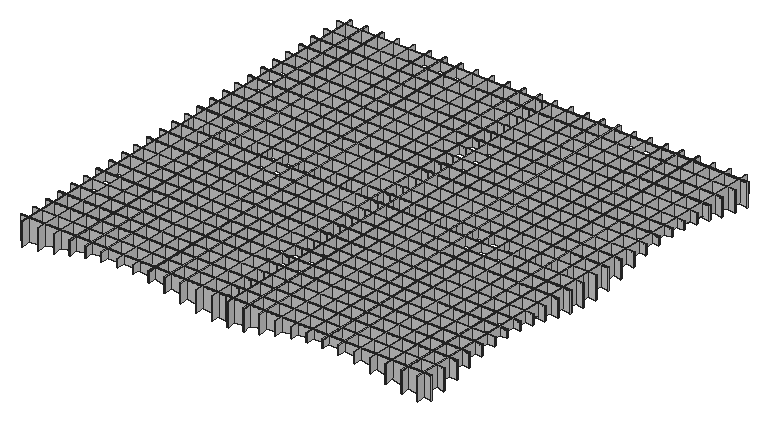
Revit family "CLD-WFL-002_RFA", category Modelos genéricos, Revit 2022 (continued)
Forms (in)
  Extrusion 406, solid
    sketch origin (108, 203.19067, 0) x (1, 0, 0) y (0, 0, 1)
      loop
        spline (12.69122, 3.04079) -> (13.34952, 3.14441) -> (14.00673, 3.24717) -> (14.66285, 3.34906) -> (15.31792, 3.45005) -> (15.97202, 3.55011) -> (16.62518, 3.64921) -> (17.27747, 3.74732) -> (17.92894, 3.8444) -> (18.57965, 3.94043) -> (19.22966, 4.03537) -> (19.87902, 4.12919) -> (20.52778, 4.22187)
        spline (20.52778, 4.22187) -> (21.26116, 4.32437) -> (21.99403, 4.42546) -> (22.72646, 4.52511) -> (23.45852, 4.62328) -> (24.19027, 4.71993) -> (24.92177, 4.81503) -> (25.6531, 4.90854) -> (26.3843, 5.00042) -> (27.11545, 5.09065) -> (27.84662, 5.17918) -> (28.57786, 5.26598) -> (29.30922, 5.35101)
        spline (29.30922, 5.35101) -> (29.95995, 5.42391) -> (30.61094, 5.49516) -> (31.26223, 5.56472) -> (31.91387, 5.63257) -> (32.56591, 5.69867) -> (33.21841, 5.763) -> (33.87141, 5.82551) -> (34.52497, 5.88618) -> (35.17914, 5.94498) -> (35.83396, 6.00187) -> (36.48949, 6.05683) -> (37.14578, 6.10982)
        spline (37.14578, 6.10982) -> (37.87194, 6.16453) -> (38.59907, 6.21702) -> (39.32723, 6.26723) -> (40.05647, 6.31514) -> (40.78684, 6.36072) -> (41.51831, 6.40397) -> (42.25083, 6.44489) -> (42.98434, 6.4835) -> (43.71879, 6.51981) -> (44.45413, 6.55383) -> (45.19029, 6.58557) -> (45.92722, 6.61503)
        spline (45.92722, 6.61503) -> (46.57816, 6.6376) -> (47.22964, 6.65822) -> (47.88162, 6.67689) -> (48.53404, 6.69363) -> (49.18687, 6.70845) -> (49.84004, 6.72134) -> (50.49352, 6.73234) -> (51.14725, 6.74143) -> (51.80119, 6.74863) -> (52.45529, 6.75396) -> (53.1095, 6.75742) -> (53.76378, 6.75901)
        spline (53.76378, 6.75901) -> (54.49695, 6.7572) -> (55.23004, 6.75331) -> (55.96301, 6.74732) -> (56.6958, 6.73922) -> (57.42835, 6.72901) -> (58.16062, 6.71667) -> (58.89255, 6.7022) -> (59.62408, 6.68557) -> (60.35517, 6.66679) -> (61.08576, 6.64585) -> (61.81579, 6.62272) -> (62.54522, 6.59741)
        spline (62.54522, 6.59741) -> (63.20286, 6.57112) -> (63.85981, 6.54281) -> (64.51602, 6.51247) -> (65.17144, 6.48008) -> (65.82603, 6.44563) -> (66.47973, 6.40912) -> (67.1325, 6.37054) -> (67.78428, 6.32988) -> (68.43505, 6.28713) -> (69.08486, 6.24233) -> (69.73376, 6.19551) -> (70.38178, 6.14669)
        spline (70.38178, 6.14669) -> (71.1172, 6.08737) -> (71.85177, 6.02584) -> (72.58554, 5.96214) -> (73.31858, 5.89631) -> (74.05094, 5.82838) -> (74.78268, 5.75838) -> (75.51386, 5.68636) -> (76.24452, 5.61234) -> (76.97473, 5.53637) -> (77.70455, 5.45847) -> (78.43403, 5.37869) -> (79.16322, 5.29705)
        spline (79.16322, 5.29705) -> (79.81589, 5.22111) -> (80.46845, 5.14359) -> (81.12094, 5.06452) -> (81.77342, 4.98394) -> (82.42595, 4.90188) -> (83.07858, 4.81837) -> (83.73137, 4.73344) -> (84.38439, 4.64713) -> (85.03768, 4.55947) -> (85.6913, 4.47048) -> (86.34531, 4.3802) -> (86.99978, 4.28866)
        spline (86.99978, 4.28866) -> (87.72677, 4.18488) -> (88.45442, 4.07981) -> (89.1828, 3.97349) -> (89.91197, 3.86595) -> (90.64199, 3.75723) -> (91.37293, 3.64737) -> (92.10485, 3.53639) -> (92.8378, 3.42433) -> (93.57186, 3.31123) -> (94.30709, 3.19712) -> (95.04354, 3.08203) -> (95.78122, 2.96599)
        spline (95.78122, 2.96599) -> (96.4698, 2.85601) -> (97.15931, 2.74512) -> (97.84968, 2.63332) -> (98.54085, 2.52058) -> (99.23273, 2.40692) -> (99.92527, 2.2923) -> (100.61838, 2.17673) -> (101.31201, 2.06019) -> (102.00608, 1.94268) -> (102.70052, 1.82418) -> (103.39525, 1.70469) -> (104.09022, 1.58418)
        spline (104.09022, 1.58418) -> (104.41609, 1.52715) -> (104.74197, 1.46988) -> (105.06787, 1.41237) -> (105.39376, 1.35462) -> (105.71965, 1.29662) -> (106.04553, 1.23838) -> (106.37138, 1.1799) -> (106.6972, 1.12116) -> (107.02298, 1.06219) -> (107.34871, 1.00296) -> (107.67439, 0.94348) -> (108, 0.88375)
        line (108, 0.88375) -> (108, 11.82144)
    from -0.11811 to 0
  Extrusion 407, solid
    sketch origin (108, 203.66311, 0) x (1, 0, 0) y (0, 0, 1)
      loop
        line (108, 11.82144) -> (0, 11.82144) -> (0, 0.88375)
        spline (0, 0.88375) -> (0.32561, 0.94348) -> (0.65129, 1.00296) -> (0.97702, 1.06219) -> (1.3028, 1.12116) -> (1.62862, 1.1799) -> (1.95447, 1.23838) -> (2.28035, 1.29662) -> (2.60624, 1.35462) -> (2.93213, 1.41237) -> (3.25803, 1.46988) -> (3.58391, 1.52715) -> (3.90978, 1.58418)
        spline (3.90978, 1.58418) -> (4.64426, 1.71122) -> (5.37851, 1.8372) -> (6.11243, 1.96212) -> (6.84596, 2.086) -> (7.57903, 2.20885) -> (8.31155, 2.33067) -> (9.04347, 2.45149) -> (9.77469, 2.57131) -> (10.50515, 2.69014) -> (11.23478, 2.80798) -> (11.96349, 2.92486) -> (12.69122, 3.04079)
        spline (12.69122, 3.04079) -> (13.34952, 3.14441) -> (14.00673, 3.24717) -> (14.66285, 3.34906) -> (15.31792, 3.45005) -> (15.97202, 3.55011) -> (16.62518, 3.64921) -> (17.27747, 3.74732) -> (17.92894, 3.8444) -> (18.57965, 3.94043) -> (19.22966, 4.03537) -> (19.87902, 4.12919) -> (20.52778, 4.22187)
        spline (20.52778, 4.22187) -> (21.26116, 4.32437) -> (21.99403, 4.42546) -> (22.72646, 4.52511) -> (23.45852, 4.62328) -> (24.19027, 4.71993) -> (24.92177, 4.81503) -> (25.6531, 4.90854) -> (26.3843, 5.00042) -> (27.11545, 5.09065) -> (27.84662, 5.17918) -> (28.57786, 5.26598) -> (29.30922, 5.35101)
        spline (29.30922, 5.35101) -> (29.95995, 5.42391) -> (30.61094, 5.49516) -> (31.26223, 5.56472) -> (31.91387, 5.63257) -> (32.56591, 5.69867) -> (33.21841, 5.763) -> (33.87141, 5.82551) -> (34.52497, 5.88618) -> (35.17914, 5.94498) -> (35.83396, 6.00187) -> (36.48949, 6.05683) -> (37.14578, 6.10982)
        spline (37.14578, 6.10982) -> (37.87194, 6.16453) -> (38.59907, 6.21702) -> (39.32723, 6.26723) -> (40.05647, 6.31514) -> (40.78684, 6.36072) -> (41.51831, 6.40397) -> (42.25083, 6.44489) -> (42.98434, 6.4835) -> (43.71879, 6.51981) -> (44.45413, 6.55383) -> (45.19029, 6.58557) -> (45.92722, 6.61503)
        spline (45.92722, 6.61503) -> (46.57816, 6.6376) -> (47.22964, 6.65822) -> (47.88162, 6.67689) -> (48.53404, 6.69363) -> (49.18687, 6.70845) -> (49.84004, 6.72134) -> (50.49352, 6.73234) -> (51.14725, 6.74143) -> (51.80119, 6.74863) -> (52.45529, 6.75396) -> (53.1095, 6.75742) -> (53.76378, 6.75901)
        spline (53.76378, 6.75901) -> (54.49695, 6.7572) -> (55.23004, 6.75331) -> (55.96301, 6.74732) -> (56.6958, 6.73922) -> (57.42835, 6.72901) -> (58.16062, 6.71667) -> (58.89255, 6.7022) -> (59.62408, 6.68557) -> (60.35517, 6.66679) -> (61.08576, 6.64585) -> (61.81579, 6.62272) -> (62.54522, 6.59741)
        spline (62.54522, 6.59741) -> (63.20286, 6.57112) -> (63.85981, 6.54281) -> (64.51602, 6.51247) -> (65.17144, 6.48008) -> (65.82603, 6.44563) -> (66.47973, 6.40912) -> (67.1325, 6.37054) -> (67.78428, 6.32988) -> (68.43505, 6.28713) -> (69.08486, 6.24233) -> (69.73376, 6.19551) -> (70.38178, 6.14669)
        spline (70.38178, 6.14669) -> (71.1172, 6.08737) -> (71.85177, 6.02584) -> (72.58554, 5.96214) -> (73.31858, 5.89631) -> (74.05094, 5.82838) -> (74.78268, 5.75838) -> (75.51386, 5.68636) -> (76.24452, 5.61234) -> (76.97473, 5.53637) -> (77.70455, 5.45847) -> (78.43403, 5.37869) -> (79.16322, 5.29705)
        spline (79.16322, 5.29705) -> (79.81589, 5.22111) -> (80.46845, 5.14359) -> (81.12094, 5.06452) -> (81.77342, 4.98394) -> (82.42595, 4.90188) -> (83.07858, 4.81837) -> (83.73137, 4.73344) -> (84.38439, 4.64713) -> (85.03768, 4.55947) -> (85.6913, 4.47048) -> (86.34531, 4.3802) -> (86.99978, 4.28866)
        spline (86.99978, 4.28866) -> (87.72677, 4.18488) -> (88.45442, 4.07981) -> (89.1828, 3.97349) -> (89.91197, 3.86595) -> (90.64199, 3.75723) -> (91.37293, 3.64737) -> (92.10485, 3.53639) -> (92.8378, 3.42433) -> (93.57186, 3.31123) -> (94.30709, 3.19712) -> (95.04354, 3.08203) -> (95.78122, 2.96599)
        spline (95.78122, 2.96599) -> (96.4698, 2.85601) -> (97.15931, 2.74512) -> (97.84968, 2.63332) -> (98.54085, 2.52058) -> (99.23273, 2.40692) -> (99.92527, 2.2923) -> (100.61838, 2.17673) -> (101.31201, 2.06019) -> (102.00608, 1.94268) -> (102.70052, 1.82418) -> (103.39525, 1.70469) -> (104.09022, 1.58418)
        spline (104.09022, 1.58418) -> (104.41609, 1.52715) -> (104.74197, 1.46988) -> (105.06787, 1.41237) -> (105.39376, 1.35462) -> (105.71965, 1.29662) -> (106.04553, 1.23838) -> (106.37138, 1.1799) -> (106.6972, 1.12116) -> (107.02298, 1.06219) -> (107.34871, 1.00296) -> (107.67439, 0.94348) -> (108, 0.88375)
        line (108, 0.88375) -> (108, 11.82144)
    from -0.11811 to 0.35433
  Extrusion 408, solid
    sketch origin (108, 203.78122, 0) x (1, 0, 0) y (0, 0, 1)
      loop
        line (108, 11.82144) -> (0, 11.82144) -> (0, 0.88375)
        spline (0, 0.88375) -> (0.32561, 0.94348) -> (0.65129, 1.00296) -> (0.97702, 1.06219) -> (1.3028, 1.12116) -> (1.62862, 1.1799) -> (1.95447, 1.23838) -> (2.28035, 1.29662) -> (2.60624, 1.35462) -> (2.93213, 1.41237) -> (3.25803, 1.46988) -> (3.58391, 1.52715) -> (3.90978, 1.58418)
        spline (3.90978, 1.58418) -> (4.64426, 1.71122) -> (5.37851, 1.8372) -> (6.11243, 1.96212) -> (6.84596, 2.086) -> (7.57903, 2.20885) -> (8.31155, 2.33067) -> (9.04347, 2.45149) -> (9.77469, 2.57131) -> (10.50515, 2.69014) -> (11.23478, 2.80798) -> (11.96349, 2.92486) -> (12.69122, 3.04079)
        spline (12.69122, 3.04079) -> (13.34952, 3.14441) -> (14.00673, 3.24717) -> (14.66285, 3.34906) -> (15.31792, 3.45005) -> (15.97202, 3.55011) -> (16.62518, 3.64921) -> (17.27747, 3.74732) -> (17.92894, 3.8444) -> (18.57965, 3.94043) -> (19.22966, 4.03537) -> (19.87902, 4.12919) -> (20.52778, 4.22187)
        spline (20.52778, 4.22187) -> (21.26116, 4.32437) -> (21.99403, 4.42546) -> (22.72646, 4.52511) -> (23.45852, 4.62328) -> (24.19027, 4.71993) -> (24.92177, 4.81503) -> (25.6531, 4.90854) -> (26.3843, 5.00042) -> (27.11545, 5.09065) -> (27.84662, 5.17918) -> (28.57786, 5.26598) -> (29.30922, 5.35101)
        spline (29.30922, 5.35101) -> (29.95995, 5.42391) -> (30.61094, 5.49516) -> (31.26223, 5.56472) -> (31.91387, 5.63257) -> (32.56591, 5.69867) -> (33.21841, 5.763) -> (33.87141, 5.82551) -> (34.52497, 5.88618) -> (35.17914, 5.94498) -> (35.83396, 6.00187) -> (36.48949, 6.05683) -> (37.14578, 6.10982)
        spline (37.14578, 6.10982) -> (37.87194, 6.16453) -> (38.59907, 6.21702) -> (39.32723, 6.26723) -> (40.05647, 6.31514) -> (40.78684, 6.36072) -> (41.51831, 6.40397) -> (42.25083, 6.44489) -> (42.98434, 6.4835) -> (43.71879, 6.51981) -> (44.45413, 6.55383) -> (45.19029, 6.58557) -> (45.92722, 6.61503)
        spline (45.92722, 6.61503) -> (46.57816, 6.6376) -> (47.22964, 6.65822) -> (47.88162, 6.67689) -> (48.53404, 6.69363) -> (49.18687, 6.70845) -> (49.84004, 6.72134) -> (50.49352, 6.73234) -> (51.14725, 6.74143) -> (51.80119, 6.74863) -> (52.45529, 6.75396) -> (53.1095, 6.75742) -> (53.76378, 6.75901)
        spline (53.76378, 6.75901) -> (54.49695, 6.7572) -> (55.23004, 6.75331) -> (55.96301, 6.74732) -> (56.6958, 6.73922) -> (57.42835, 6.72901) -> (58.16062, 6.71667) -> (58.89255, 6.7022) -> (59.62408, 6.68557) -> (60.35517, 6.66679) -> (61.08576, 6.64585) -> (61.81579, 6.62272) -> (62.54522, 6.59741)
        spline (62.54522, 6.59741) -> (63.20286, 6.57112) -> (63.85981, 6.54281) -> (64.51602, 6.51247) -> (65.17144, 6.48008) -> (65.82603, 6.44563) -> (66.47973, 6.40912) -> (67.1325, 6.37054) -> (67.78428, 6.32988) -> (68.43505, 6.28713) -> (69.08486, 6.24233) -> (69.73376, 6.19551) -> (70.38178, 6.14669)
        spline (70.38178, 6.14669) -> (71.1172, 6.08737) -> (71.85177, 6.02584) -> (72.58554, 5.96214) -> (73.31858, 5.89631) -> (74.05094, 5.82838) -> (74.78268, 5.75838) -> (75.51386, 5.68636) -> (76.24452, 5.61234) -> (76.97473, 5.53637) -> (77.70455, 5.45847) -> (78.43403, 5.37869) -> (79.16322, 5.29705)
        spline (79.16322, 5.29705) -> (79.81589, 5.22111) -> (80.46845, 5.14359) -> (81.12094, 5.06452) -> (81.77342, 4.98394) -> (82.42595, 4.90188) -> (83.07858, 4.81837) -> (83.73137, 4.73344) -> (84.38439, 4.64713) -> (85.03768, 4.55947) -> (85.6913, 4.47048) -> (86.34531, 4.3802) -> (86.99978, 4.28866)
        spline (86.99978, 4.28866) -> (87.72677, 4.18488) -> (88.45442, 4.07981) -> (89.1828, 3.97349) -> (89.91197, 3.86595) -> (90.64199, 3.75723) -> (91.37293, 3.64737) -> (92.10485, 3.53639) -> (92.8378, 3.42433) -> (93.57186, 3.31123) -> (94.30709, 3.19712) -> (95.04354, 3.08203) -> (95.78122, 2.96599)
        spline (95.78122, 2.96599) -> (96.4698, 2.85601) -> (97.15931, 2.74512) -> (97.84968, 2.63332) -> (98.54085, 2.52058) -> (99.23273, 2.40692) -> (99.92527, 2.2923) -> (100.61838, 2.17673) -> (101.31201, 2.06019) -> (102.00608, 1.94268) -> (102.70052, 1.82418) -> (103.39525, 1.70469) -> (104.09022, 1.58418)
        spline (104.09022, 1.58418) -> (104.41609, 1.52715) -> (104.74197, 1.46988) -> (105.06787, 1.41237) -> (105.39376, 1.35462) -> (105.71965, 1.29662) -> (106.04553, 1.23838) -> (106.37138, 1.1799) -> (106.6972, 1.12116) -> (107.02298, 1.06219) -> (107.34871, 1.00296) -> (107.67439, 0.94348) -> (108, 0.88375)
        line (108, 0.88375) -> (108, 11.82144)
    from -0.11811 to 0
  Extrusion 409, solid
    sketch origin (108, 211.49967, 0) x (1, 0, 0) y (0, 0, 1)
      loop
        line (108, 11.82144) -> (0, 11.82144) -> (0, 0)
        spline (0, 0) -> (0.32561, 0.03535) -> (0.65129, 0.07108) -> (0.97702, 0.10719) -> (1.3028, 0.14369) -> (1.62862, 0.18058) -> (1.95447, 0.21788) -> (2.28035, 0.25557) -> (2.60624, 0.29369) -> (2.93213, 0.33222) -> (3.25803, 0.37118) -> (3.58391, 0.41056) -> (3.90978, 0.45039)
        spline (3.90978, 0.45039) -> (4.64427, 0.54331) -> (5.37851, 0.63835) -> (6.11243, 0.73557) -> (6.84597, 0.83501) -> (7.57904, 0.93675) -> (8.31156, 1.04084) -> (9.04347, 1.14734) -> (9.7747, 1.25631) -> (10.50516, 1.36779) -> (11.23478, 1.48186) -> (11.96349, 1.59857) -> (12.69122, 1.71798)
        spline (12.69122, 1.71798) -> (13.38922, 1.83797) -> (14.08606, 1.96074) -> (14.78174, 2.08623) -> (15.47631, 2.21426) -> (16.16984, 2.34463) -> (16.86238, 2.47718) -> (17.55399, 2.61172) -> (18.24473, 2.74807) -> (18.93467, 2.88604) -> (19.62386, 3.02546) -> (20.31235, 3.16614) -> (21.00022, 3.30789)
        spline (21.00022, 3.30789) -> (21.65469, 3.44372) -> (22.3087, 3.5801) -> (22.96232, 3.71687) -> (23.61561, 3.85384) -> (24.26863, 3.99083) -> (24.92142, 4.12768) -> (25.57405, 4.2642) -> (26.22658, 4.40021) -> (26.87906, 4.53554) -> (27.53155, 4.67001) -> (28.18411, 4.80344) -> (28.83678, 4.93566)
        spline (28.83678, 4.93566) -> (29.71888, 5.11051) -> (30.60133, 5.28308) -> (31.48418, 5.45313) -> (32.36752, 5.62042) -> (33.25139, 5.78471) -> (34.13589, 5.94577) -> (35.02106, 6.10336) -> (35.90699, 6.25724) -> (36.79374, 6.40717) -> (37.68137, 6.55291) -> (38.56997, 6.69423) -> (39.45958, 6.83089)
        spline (39.45958, 6.83089) -> (39.81456, 6.88206) -> (40.17002, 6.93114) -> (40.52597, 6.97806) -> (40.88246, 7.0227) -> (41.2395, 7.065) -> (41.59707, 7.10495) -> (41.95516, 7.14258) -> (42.31373, 7.17791) -> (42.67277, 7.21097) -> (43.03223, 7.2418) -> (43.3921, 7.27043) -> (43.75234, 7.29687)
        spline (43.75234, 7.29687) -> (44.62318, 7.35197) -> (45.49474, 7.40207) -> (46.36696, 7.44722) -> (47.23979, 7.48751) -> (48.11314, 7.52299) -> (48.98697, 7.55374) -> (49.8612, 7.57983) -> (50.73577, 7.60132) -> (51.61063, 7.61828) -> (52.48569, 7.63078) -> (53.36091, 7.63889) -> (54.23622, 7.64268)
        spline (54.23622, 7.64268) -> (54.8905, 7.63994) -> (55.54471, 7.63396) -> (56.19881, 7.62471) -> (56.85275, 7.61212) -> (57.50648, 7.59614) -> (58.15996, 7.57673) -> (58.81313, 7.55383) -> (59.46596, 7.5274) -> (60.11838, 7.49738) -> (60.77036, 7.46371) -> (61.42184, 7.42635) -> (62.07278, 7.38525)
        spline (62.07278, 7.38525) -> (62.80971, 7.33115) -> (63.54587, 7.27259) -> (64.28121, 7.20951) -> (65.01566, 7.14186) -> (65.74917, 7.06957) -> (66.48169, 6.99259) -> (67.21316, 6.91086) -> (67.94353, 6.82432) -> (68.67277, 6.73297) -> (69.40093, 6.637) -> (70.12806, 6.53658) -> (70.85422, 6.4319)
        spline (70.85422, 6.4319) -> (71.51051, 6.33081) -> (72.16604, 6.22628) -> (72.82086, 6.11849) -> (73.47503, 6.00761) -> (74.12859, 5.89382) -> (74.78159, 5.7773) -> (75.43409, 5.65821) -> (76.08613, 5.53673) -> (76.73777, 5.41305) -> (77.38906, 5.28733) -> (78.04005, 5.15975) -> (78.69078, 5.03049)
        spline (78.69078, 5.03049) -> (79.42214, 4.88265) -> (80.15338, 4.73345) -> (80.88454, 4.58309) -> (81.6157, 4.43177) -> (82.3469, 4.27969) -> (83.07823, 4.12703) -> (83.80973, 3.97401) -> (84.54148, 3.82083) -> (85.27354, 3.66767) -> (86.00597, 3.51473) -> (86.73884, 3.36223) -> (87.47222, 3.21035)
        spline (87.47222, 3.21035) -> (88.12098, 3.07725) -> (88.77034, 2.94516) -> (89.42035, 2.81427) -> (90.07106, 2.68474) -> (90.72253, 2.55674) -> (91.37482, 2.43044) -> (92.02798, 2.30602) -> (92.68208, 2.18365) -> (93.33715, 2.0635) -> (93.99327, 1.94575) -> (94.65048, 1.83055) -> (95.30878, 1.71798)
        spline (95.30878, 1.71798) -> (96.03651, 1.59857) -> (96.76522, 1.48186) -> (97.49484, 1.36779) -> (98.2253, 1.25631) -> (98.95653, 1.14734) -> (99.68844, 1.04084) -> (100.42096, 0.93675) -> (101.15403, 0.83501) -> (101.88757, 0.73557) -> (102.62149, 0.63835) -> (103.35573, 0.54331) -> (104.09022, 0.45039)
        spline (104.09022, 0.45039) -> (104.41609, 0.41056) -> (104.74197, 0.37118) -> (105.06787, 0.33222) -> (105.39376, 0.29369) -> (105.71965, 0.25557) -> (106.04553, 0.21788) -> (106.37138, 0.18058) -> (106.6972, 0.14369) -> (107.02298, 0.10719) -> (107.34871, 0.07108) -> (107.67439, 0.03535) -> (108, 0)
        line (108, 0) -> (108, 11.82144)
    from -0.11811 to 0
  Extrusion 410, solid
    sketch origin (108, 212.09022, 0) x (1, 0, 0) y (0, 0, 1)
      loop
        line (108, 11.82144) -> (0, 11.82144) -> (0, 0)
        spline (0, 0) -> (0.32561, 0.03535) -> (0.65129, 0.07108) -> (0.97702, 0.10719) -> (1.3028, 0.14369) -> (1.62862, 0.18058) -> (1.95447, 0.21788) -> (2.28035, 0.25557) -> (2.60624, 0.29369) -> (2.93213, 0.33222) -> (3.25803, 0.37118) -> (3.58391, 0.41056) -> (3.90978, 0.45039)
        spline (3.90978, 0.45039) -> (4.64427, 0.54331) -> (5.37851, 0.63835) -> (6.11243, 0.73557) -> (6.84597, 0.83501) -> (7.57904, 0.93675) -> (8.31156, 1.04084) -> (9.04347, 1.14734) -> (9.7747, 1.25631) -> (10.50516, 1.36779) -> (11.23478, 1.48186) -> (11.96349, 1.59857) -> (12.69122, 1.71798)
        spline (12.69122, 1.71798) -> (13.38922, 1.83797) -> (14.08606, 1.96074) -> (14.78174, 2.08623) -> (15.47631, 2.21426) -> (16.16984, 2.34463) -> (16.86238, 2.47718) -> (17.55399, 2.61172) -> (18.24473, 2.74807) -> (18.93467, 2.88604) -> (19.62386, 3.02546) -> (20.31235, 3.16614) -> (21.00022, 3.30789)
        spline (21.00022, 3.30789) -> (21.65469, 3.44372) -> (22.3087, 3.5801) -> (22.96232, 3.71687) -> (23.61561, 3.85384) -> (24.26863, 3.99083) -> (24.92142, 4.12768) -> (25.57405, 4.2642) -> (26.22658, 4.40021) -> (26.87906, 4.53554) -> (27.53155, 4.67001) -> (28.18411, 4.80344) -> (28.83678, 4.93566)
        spline (28.83678, 4.93566) -> (29.71888, 5.11051) -> (30.60133, 5.28308) -> (31.48418, 5.45313) -> (32.36752, 5.62042) -> (33.25139, 5.78471) -> (34.13589, 5.94577) -> (35.02106, 6.10336) -> (35.90699, 6.25724) -> (36.79374, 6.40717) -> (37.68137, 6.55291) -> (38.56997, 6.69423) -> (39.45958, 6.83089)
        spline (39.45958, 6.83089) -> (39.81456, 6.88206) -> (40.17002, 6.93114) -> (40.52597, 6.97806) -> (40.88246, 7.0227) -> (41.2395, 7.065) -> (41.59707, 7.10495) -> (41.95516, 7.14258) -> (42.31373, 7.17791) -> (42.67277, 7.21097) -> (43.03223, 7.2418) -> (43.3921, 7.27043) -> (43.75234, 7.29687)
        spline (43.75234, 7.29687) -> (44.62318, 7.35197) -> (45.49474, 7.40207) -> (46.36696, 7.44722) -> (47.23979, 7.48751) -> (48.11314, 7.52299) -> (48.98697, 7.55374) -> (49.8612, 7.57983) -> (50.73577, 7.60132) -> (51.61063, 7.61828) -> (52.48569, 7.63078) -> (53.36091, 7.63889) -> (54.23622, 7.64268)
        spline (54.23622, 7.64268) -> (54.8905, 7.63994) -> (55.54471, 7.63396) -> (56.19881, 7.62471) -> (56.85275, 7.61212) -> (57.50648, 7.59614) -> (58.15996, 7.57673) -> (58.81313, 7.55383) -> (59.46596, 7.5274) -> (60.11838, 7.49738) -> (60.77036, 7.46371) -> (61.42184, 7.42635) -> (62.07278, 7.38525)
        spline (62.07278, 7.38525) -> (62.80971, 7.33115) -> (63.54587, 7.27259) -> (64.28121, 7.20951) -> (65.01566, 7.14186) -> (65.74917, 7.06957) -> (66.48169, 6.99259) -> (67.21316, 6.91086) -> (67.94353, 6.82432) -> (68.67277, 6.73297) -> (69.40093, 6.637) -> (70.12806, 6.53658) -> (70.85422, 6.4319)
        spline (70.85422, 6.4319) -> (71.51051, 6.33081) -> (72.16604, 6.22628) -> (72.82086, 6.11849) -> (73.47503, 6.00761) -> (74.12859, 5.89382) -> (74.78159, 5.7773) -> (75.43409, 5.65821) -> (76.08613, 5.53673) -> (76.73777, 5.41305) -> (77.38906, 5.28733) -> (78.04005, 5.15975) -> (78.69078, 5.03049)
        spline (78.69078, 5.03049) -> (79.42214, 4.88265) -> (80.15338, 4.73345) -> (80.88454, 4.58309) -> (81.6157, 4.43177) -> (82.3469, 4.27969) -> (83.07823, 4.12703) -> (83.80973, 3.97401) -> (84.54148, 3.82083) -> (85.27354, 3.66767) -> (86.00597, 3.51473) -> (86.73884, 3.36223) -> (87.47222, 3.21035)
        spline (87.47222, 3.21035) -> (88.12098, 3.07725) -> (88.77034, 2.94516) -> (89.42035, 2.81427) -> (90.07106, 2.68474) -> (90.72253, 2.55674) -> (91.37482, 2.43044) -> (92.02798, 2.30602) -> (92.68208, 2.18365) -> (93.33715, 2.0635) -> (93.99327, 1.94575) -> (94.65048, 1.83055) -> (95.30878, 1.71798)
        spline (95.30878, 1.71798) -> (96.03651, 1.59857) -> (96.76522, 1.48186) -> (97.49484, 1.36779) -> (98.2253, 1.25631) -> (98.95653, 1.14734) -> (99.68844, 1.04084) -> (100.42096, 0.93675) -> (101.15403, 0.83501) -> (101.88757, 0.73557) -> (102.62149, 0.63835) -> (103.35573, 0.54331) -> (104.09022, 0.45039)
        spline (104.09022, 0.45039) -> (104.41609, 0.41056) -> (104.74197, 0.37118) -> (105.06787, 0.33222) -> (105.39376, 0.29369) -> (105.71965, 0.25557) -> (106.04553, 0.21788) -> (106.37138, 0.18058) -> (106.6972, 0.14369) -> (107.02298, 0.10719) -> (107.34871, 0.07108) -> (107.67439, 0.03535) -> (108, 0)
        line (108, 0) -> (108, 11.82144)
    from -0.11811 to 0
  Extrusion 411, solid
    sketch origin (108, 211.97211, 0) x (1, 0, 0) y (0, 0, 1)
      loop
        line (108, 11.82144) -> (0, 11.82144) -> (0, 0)
        spline (0, 0) -> (0.32561, 0.03535) -> (0.65129, 0.07108) -> (0.97702, 0.10719) -> (1.3028, 0.14369) -> (1.62862, 0.18058) -> (1.95447, 0.21788) -> (2.28035, 0.25557) -> (2.60624, 0.29369) -> (2.93213, 0.33222) -> (3.25803, 0.37118) -> (3.58391, 0.41056) -> (3.90978, 0.45039)
        spline (3.90978, 0.45039) -> (4.64427, 0.54331) -> (5.37851, 0.63835) -> (6.11243, 0.73557) -> (6.84597, 0.83501) -> (7.57904, 0.93675) -> (8.31156, 1.04084) -> (9.04347, 1.14734) -> (9.7747, 1.25631) -> (10.50516, 1.36779) -> (11.23478, 1.48186) -> (11.96349, 1.59857) -> (12.69122, 1.71798)
        spline (12.69122, 1.71798) -> (13.38922, 1.83797) -> (14.08606, 1.96074) -> (14.78174, 2.08623) -> (15.47631, 2.21426) -> (16.16984, 2.34463) -> (16.86238, 2.47718) -> (17.55399, 2.61172) -> (18.24473, 2.74807) -> (18.93467, 2.88604) -> (19.62386, 3.02546) -> (20.31235, 3.16614) -> (21.00022, 3.30789)
        spline (21.00022, 3.30789) -> (21.65469, 3.44372) -> (22.3087, 3.5801) -> (22.96232, 3.71687) -> (23.61561, 3.85384) -> (24.26863, 3.99083) -> (24.92142, 4.12768) -> (25.57405, 4.2642) -> (26.22658, 4.40021) -> (26.87906, 4.53554) -> (27.53155, 4.67001) -> (28.18411, 4.80344) -> (28.83678, 4.93566)
        spline (28.83678, 4.93566) -> (29.71888, 5.11051) -> (30.60133, 5.28308) -> (31.48418, 5.45313) -> (32.36752, 5.62042) -> (33.25139, 5.78471) -> (34.13589, 5.94577) -> (35.02106, 6.10336) -> (35.90699, 6.25724) -> (36.79374, 6.40717) -> (37.68137, 6.55291) -> (38.56997, 6.69423) -> (39.45958, 6.83089)
        spline (39.45958, 6.83089) -> (39.81456, 6.88206) -> (40.17002, 6.93114) -> (40.52597, 6.97806) -> (40.88246, 7.0227) -> (41.2395, 7.065) -> (41.59707, 7.10495) -> (41.95516, 7.14258) -> (42.31373, 7.17791) -> (42.67277, 7.21097) -> (43.03223, 7.2418) -> (43.3921, 7.27043) -> (43.75234, 7.29687)
        spline (43.75234, 7.29687) -> (44.62318, 7.35197) -> (45.49474, 7.40207) -> (46.36696, 7.44722) -> (47.23979, 7.48751) -> (48.11314, 7.52299) -> (48.98697, 7.55374) -> (49.8612, 7.57983) -> (50.73577, 7.60132) -> (51.61063, 7.61828) -> (52.48569, 7.63078) -> (53.36091, 7.63889) -> (54.23622, 7.64268)
        spline (54.23622, 7.64268) -> (54.8905, 7.63994) -> (55.54471, 7.63396) -> (56.19881, 7.62471) -> (56.85275, 7.61212) -> (57.50648, 7.59614) -> (58.15996, 7.57673) -> (58.81313, 7.55383) -> (59.46596, 7.5274) -> (60.11838, 7.49738) -> (60.77036, 7.46371) -> (61.42184, 7.42635) -> (62.07278, 7.38525)
        spline (62.07278, 7.38525) -> (62.80971, 7.33115) -> (63.54587, 7.27259) -> (64.28121, 7.20951) -> (65.01566, 7.14186) -> (65.74917, 7.06957) -> (66.48169, 6.99259) -> (67.21316, 6.91086) -> (67.94353, 6.82432) -> (68.67277, 6.73297) -> (69.40093, 6.637) -> (70.12806, 6.53658) -> (70.85422, 6.4319)
        spline (70.85422, 6.4319) -> (71.51051, 6.33081) -> (72.16604, 6.22628) -> (72.82086, 6.11849) -> (73.47503, 6.00761) -> (74.12859, 5.89382) -> (74.78159, 5.7773) -> (75.43409, 5.65821) -> (76.08613, 5.53673) -> (76.73777, 5.41305) -> (77.38906, 5.28733) -> (78.04005, 5.15975) -> (78.69078, 5.03049)
        spline (78.69078, 5.03049) -> (79.42214, 4.88265) -> (80.15338, 4.73345) -> (80.88454, 4.58309) -> (81.6157, 4.43177) -> (82.3469, 4.27969) -> (83.07823, 4.12703) -> (83.80973, 3.97401) -> (84.54148, 3.82083) -> (85.27354, 3.66767) -> (86.00597, 3.51473) -> (86.73884, 3.36223) -> (87.47222, 3.21035)
        spline (87.47222, 3.21035) -> (88.12098, 3.07725) -> (88.77034, 2.94516) -> (89.42035, 2.81427) -> (90.07106, 2.68474) -> (90.72253, 2.55674) -> (91.37482, 2.43044) -> (92.02798, 2.30602) -> (92.68208, 2.18365) -> (93.33715, 2.0635) -> (93.99327, 1.94575) -> (94.65048, 1.83055) -> (95.30878, 1.71798)
        spline (95.30878, 1.71798) -> (96.03651, 1.59857) -> (96.76522, 1.48186) -> (97.49484, 1.36779) -> (98.2253, 1.25631) -> (98.95653, 1.14734) -> (99.68844, 1.04084) -> (100.42096, 0.93675) -> (101.15403, 0.83501) -> (101.88757, 0.73557) -> (102.62149, 0.63835) -> (103.35573, 0.54331) -> (104.09022, 0.45039)
        spline (104.09022, 0.45039) -> (104.41609, 0.41056) -> (104.74197, 0.37118) -> (105.06787, 0.33222) -> (105.39376, 0.29369) -> (105.71965, 0.25557) -> (106.04553, 0.21788) -> (106.37138, 0.18058) -> (106.6972, 0.14369) -> (107.02298, 0.10719) -> (107.34871, 0.07108) -> (107.67439, 0.03535) -> (108, 0)
        line (108, 0) -> (108, 11.82144)
    from -0.11811 to 0.35433
  Extrusion 412, solid
    sketch origin (111.79167, 216, 0) x (0, -1, 0) y (0, 0, 1)
      loop
        line (108, 11.82144) -> (0, 11.82144) -> (0, 0)
        spline (0, 0) -> (0.32561, 0.03535) -> (0.65129, 0.07108) -> (0.97702, 0.10719) -> (1.3028, 0.14369) -> (1.62862, 0.18058) -> (1.95447, 0.21788) -> (2.28035, 0.25557) -> (2.60624, 0.29369) -> (2.93213, 0.33222) -> (3.25803, 0.37118) -> (3.58391, 0.41056) -> (3.90978, 0.45039)
        spline (3.90978, 0.45039) -> (4.64427, 0.54331) -> (5.37851, 0.63835) -> (6.11243, 0.73557) -> (6.84597, 0.83501) -> (7.57904, 0.93675) -> (8.31156, 1.04084) -> (9.04347, 1.14734) -> (9.7747, 1.25631) -> (10.50516, 1.36779) -> (11.23478, 1.48186) -> (11.96349, 1.59857) -> (12.69122, 1.71798)
        spline (12.69122, 1.71798) -> (13.38922, 1.83797) -> (14.08606, 1.96074) -> (14.78174, 2.08623) -> (15.47631, 2.21426) -> (16.16984, 2.34463) -> (16.86238, 2.47718) -> (17.55399, 2.61172) -> (18.24473, 2.74807) -> (18.93467, 2.88604) -> (19.62386, 3.02546) -> (20.31235, 3.16614) -> (21.00022, 3.30789)
        spline (21.00022, 3.30789) -> (21.65469, 3.44372) -> (22.3087, 3.5801) -> (22.96232, 3.71687) -> (23.61561, 3.85384) -> (24.26863, 3.99083) -> (24.92142, 4.12768) -> (25.57405, 4.2642) -> (26.22658, 4.40021) -> (26.87906, 4.53554) -> (27.53155, 4.67001) -> (28.18411, 4.80344) -> (28.83678, 4.93566)
        spline (28.83678, 4.93566) -> (29.71888, 5.11051) -> (30.60133, 5.28308) -> (31.48418, 5.45313) -> (32.36752, 5.62042) -> (33.25139, 5.78471) -> (34.13589, 5.94577) -> (35.02106, 6.10336) -> (35.90699, 6.25724) -> (36.79374, 6.40717) -> (37.68137, 6.55291) -> (38.56997, 6.69423) -> (39.45958, 6.83089)
        spline (39.45958, 6.83089) -> (39.81456, 6.88206) -> (40.17002, 6.93114) -> (40.52597, 6.97806) -> (40.88246, 7.0227) -> (41.2395, 7.065) -> (41.59707, 7.10495) -> (41.95516, 7.14258) -> (42.31373, 7.17791) -> (42.67277, 7.21097) -> (43.03223, 7.2418) -> (43.3921, 7.27043) -> (43.75234, 7.29687)
        spline (43.75234, 7.29687) -> (44.62318, 7.35197) -> (45.49474, 7.40207) -> (46.36696, 7.44722) -> (47.23979, 7.48751) -> (48.11314, 7.52299) -> (48.98697, 7.55374) -> (49.8612, 7.57983) -> (50.73577, 7.60132) -> (51.61063, 7.61828) -> (52.48569, 7.63078) -> (53.36091, 7.63889) -> (54.23622, 7.64268)
        spline (54.23622, 7.64268) -> (54.8905, 7.63994) -> (55.54471, 7.63396) -> (56.19881, 7.62471) -> (56.85275, 7.61212) -> (57.50648, 7.59614) -> (58.15996, 7.57673) -> (58.81313, 7.55383) -> (59.46596, 7.5274) -> (60.11838, 7.49738) -> (60.77036, 7.46371) -> (61.42184, 7.42635) -> (62.07278, 7.38525)
        spline (62.07278, 7.38525) -> (62.80971, 7.33115) -> (63.54587, 7.27259) -> (64.28121, 7.20951) -> (65.01566, 7.14186) -> (65.74917, 7.06957) -> (66.48169, 6.99259) -> (67.21316, 6.91086) -> (67.94353, 6.82432) -> (68.67277, 6.73297) -> (69.40093, 6.637) -> (70.12806, 6.53658) -> (70.85422, 6.4319)
        spline (70.85422, 6.4319) -> (71.51051, 6.33081) -> (72.16604, 6.22628) -> (72.82086, 6.11849) -> (73.47503, 6.00761) -> (74.12859, 5.89382) -> (74.78159, 5.7773) -> (75.43409, 5.65821) -> (76.08613, 5.53673) -> (76.73777, 5.41305) -> (77.38906, 5.28733) -> (78.04005, 5.15975) -> (78.69078, 5.03049)
        spline (78.69078, 5.03049) -> (79.42214, 4.88265) -> (80.15338, 4.73345) -> (80.88454, 4.58309) -> (81.6157, 4.43177) -> (82.3469, 4.27969) -> (83.07823, 4.12703) -> (83.80973, 3.97401) -> (84.54148, 3.82083) -> (85.27354, 3.66767) -> (86.00597, 3.51473) -> (86.73884, 3.36223) -> (87.47222, 3.21035)
        spline (87.47222, 3.21035) -> (88.12098, 3.07725) -> (88.77034, 2.94516) -> (89.42035, 2.81427) -> (90.07106, 2.68474) -> (90.72253, 2.55674) -> (91.37482, 2.43044) -> (92.02798, 2.30602) -> (92.68208, 2.18365) -> (93.33715, 2.0635) -> (93.99327, 1.94575) -> (94.65048, 1.83055) -> (95.30878, 1.71798)
        spline (95.30878, 1.71798) -> (96.03651, 1.59857) -> (96.76522, 1.48186) -> (97.49484, 1.36779) -> (98.2253, 1.25631) -> (98.95653, 1.14734) -> (99.68844, 1.04084) -> (100.42096, 0.93675) -> (101.15403, 0.83501) -> (101.88757, 0.73557) -> (102.62149, 0.63835) -> (103.35573, 0.54331) -> (104.09022, 0.45039)
        spline (104.09022, 0.45039) -> (104.41609, 0.41056) -> (104.74197, 0.37118) -> (105.06787, 0.33222) -> (105.39376, 0.29369) -> (105.71965, 0.25557) -> (106.04553, 0.21788) -> (106.37138, 0.18058) -> (106.6972, 0.14369) -> (107.02298, 0.10719) -> (107.34871, 0.07108) -> (107.67439, 0.03535) -> (108, 0)
        line (108, 0) -> (108, 11.82144)
    from -0.11811 to 0
  Extrusion 413, solid
    sketch origin (112.38222, 216, 0) x (0, -1, 0) y (0, 0, 1)
      loop
        line (108, 11.82144) -> (0, 11.82144) -> (0, 0)
        spline (0, 0) -> (0.32561, 0.03535) -> (0.65129, 0.07108) -> (0.97702, 0.10719) -> (1.3028, 0.14369) -> (1.62862, 0.18058) -> (1.95447, 0.21788) -> (2.28035, 0.25557) -> (2.60624, 0.29369) -> (2.93213, 0.33222) -> (3.25803, 0.37118) -> (3.58391, 0.41056) -> (3.90978, 0.45039)
        spline (3.90978, 0.45039) -> (4.64427, 0.54331) -> (5.37851, 0.63835) -> (6.11243, 0.73557) -> (6.84597, 0.83501) -> (7.57904, 0.93675) -> (8.31156, 1.04084) -> (9.04347, 1.14734) -> (9.7747, 1.25631) -> (10.50516, 1.36779) -> (11.23478, 1.48186) -> (11.96349, 1.59857) -> (12.69122, 1.71798)
        spline (12.69122, 1.71798) -> (13.38922, 1.83797) -> (14.08606, 1.96074) -> (14.78174, 2.08623) -> (15.47631, 2.21426) -> (16.16984, 2.34463) -> (16.86238, 2.47718) -> (17.55399, 2.61172) -> (18.24473, 2.74807) -> (18.93467, 2.88604) -> (19.62386, 3.02546) -> (20.31235, 3.16614) -> (21.00022, 3.30789)
        spline (21.00022, 3.30789) -> (21.65469, 3.44372) -> (22.3087, 3.5801) -> (22.96232, 3.71687) -> (23.61561, 3.85384) -> (24.26863, 3.99083) -> (24.92142, 4.12768) -> (25.57405, 4.2642) -> (26.22658, 4.40021) -> (26.87906, 4.53554) -> (27.53155, 4.67001) -> (28.18411, 4.80344) -> (28.83678, 4.93566)
        spline (28.83678, 4.93566) -> (29.71888, 5.11051) -> (30.60133, 5.28308) -> (31.48418, 5.45313) -> (32.36752, 5.62042) -> (33.25139, 5.78471) -> (34.13589, 5.94577) -> (35.02106, 6.10336) -> (35.90699, 6.25724) -> (36.79374, 6.40717) -> (37.68137, 6.55291) -> (38.56997, 6.69423) -> (39.45958, 6.83089)
        spline (39.45958, 6.83089) -> (39.81456, 6.88206) -> (40.17002, 6.93114) -> (40.52597, 6.97806) -> (40.88246, 7.0227) -> (41.2395, 7.065) -> (41.59707, 7.10495) -> (41.95516, 7.14258) -> (42.31373, 7.17791) -> (42.67277, 7.21097) -> (43.03223, 7.2418) -> (43.3921, 7.27043) -> (43.75234, 7.29687)
        spline (43.75234, 7.29687) -> (44.62318, 7.35197) -> (45.49474, 7.40207) -> (46.36696, 7.44722) -> (47.23979, 7.48751) -> (48.11314, 7.52299) -> (48.98697, 7.55374) -> (49.8612, 7.57983) -> (50.73577, 7.60132) -> (51.61063, 7.61828) -> (52.48569, 7.63078) -> (53.36091, 7.63889) -> (54.23622, 7.64268)
        spline (54.23622, 7.64268) -> (54.8905, 7.63994) -> (55.54471, 7.63396) -> (56.19881, 7.62471) -> (56.85275, 7.61212) -> (57.50648, 7.59614) -> (58.15996, 7.57673) -> (58.81313, 7.55383) -> (59.46596, 7.5274) -> (60.11838, 7.49738) -> (60.77036, 7.46371) -> (61.42184, 7.42635) -> (62.07278, 7.38525)
        spline (62.07278, 7.38525) -> (62.80971, 7.33115) -> (63.54587, 7.27259) -> (64.28121, 7.20951) -> (65.01566, 7.14186) -> (65.74917, 7.06957) -> (66.48169, 6.99259) -> (67.21316, 6.91086) -> (67.94353, 6.82432) -> (68.67277, 6.73297) -> (69.40093, 6.637) -> (70.12806, 6.53658) -> (70.85422, 6.4319)
        spline (70.85422, 6.4319) -> (71.51051, 6.33081) -> (72.16604, 6.22628) -> (72.82086, 6.11849) -> (73.47503, 6.00761) -> (74.12859, 5.89382) -> (74.78159, 5.7773) -> (75.43409, 5.65821) -> (76.08613, 5.53673) -> (76.73777, 5.41305) -> (77.38906, 5.28733) -> (78.04005, 5.15975) -> (78.69078, 5.03049)
        spline (78.69078, 5.03049) -> (79.42214, 4.88265) -> (80.15338, 4.73345) -> (80.88454, 4.58309) -> (81.6157, 4.43177) -> (82.3469, 4.27969) -> (83.07823, 4.12703) -> (83.80973, 3.97401) -> (84.54148, 3.82083) -> (85.27354, 3.66767) -> (86.00597, 3.51473) -> (86.73884, 3.36223) -> (87.47222, 3.21035)
        spline (87.47222, 3.21035) -> (88.12098, 3.07725) -> (88.77034, 2.94516) -> (89.42035, 2.81427) -> (90.07106, 2.68474) -> (90.72253, 2.55674) -> (91.37482, 2.43044) -> (92.02798, 2.30602) -> (92.68208, 2.18365) -> (93.33715, 2.0635) -> (93.99327, 1.94575) -> (94.65048, 1.83055) -> (95.30878, 1.71798)
        spline (95.30878, 1.71798) -> (96.03651, 1.59857) -> (96.76522, 1.48186) -> (97.49484, 1.36779) -> (98.2253, 1.25631) -> (98.95653, 1.14734) -> (99.68844, 1.04084) -> (100.42096, 0.93675) -> (101.15403, 0.83501) -> (101.88757, 0.73557) -> (102.62149, 0.63835) -> (103.35573, 0.54331) -> (104.09022, 0.45039)
        spline (104.09022, 0.45039) -> (104.41609, 0.41056) -> (104.74197, 0.37118) -> (105.06787, 0.33222) -> (105.39376, 0.29369) -> (105.71965, 0.25557) -> (106.04553, 0.21788) -> (106.37138, 0.18058) -> (106.6972, 0.14369) -> (107.02298, 0.10719) -> (107.34871, 0.07108) -> (107.67439, 0.03535) -> (108, 0)
        line (108, 0) -> (108, 11.82144)
    from -0.11811 to 0
  Extrusion 414, solid
    sketch origin (112.26411, 216, 0) x (0, -1, 0) y (0, 0, 1)
      loop
        line (108, 11.82144) -> (0, 11.82144) -> (0, 0)
        spline (0, 0) -> (0.32561, 0.03535) -> (0.65129, 0.07108) -> (0.97702, 0.10719) -> (1.3028, 0.14369) -> (1.62862, 0.18058) -> (1.95447, 0.21788) -> (2.28035, 0.25557) -> (2.60624, 0.29369) -> (2.93213, 0.33222) -> (3.25803, 0.37118) -> (3.58391, 0.41056) -> (3.90978, 0.45039)
        spline (3.90978, 0.45039) -> (4.64427, 0.54331) -> (5.37851, 0.63835) -> (6.11243, 0.73557) -> (6.84597, 0.83501) -> (7.57904, 0.93675) -> (8.31156, 1.04084) -> (9.04347, 1.14734) -> (9.7747, 1.25631) -> (10.50516, 1.36779) -> (11.23478, 1.48186) -> (11.96349, 1.59857) -> (12.69122, 1.71798)
        spline (12.69122, 1.71798) -> (13.38922, 1.83797) -> (14.08606, 1.96074) -> (14.78174, 2.08623) -> (15.47631, 2.21426) -> (16.16984, 2.34463) -> (16.86238, 2.47718) -> (17.55399, 2.61172) -> (18.24473, 2.74807) -> (18.93467, 2.88604) -> (19.62386, 3.02546) -> (20.31235, 3.16614) -> (21.00022, 3.30789)
        spline (21.00022, 3.30789) -> (21.65469, 3.44372) -> (22.3087, 3.5801) -> (22.96232, 3.71687) -> (23.61561, 3.85384) -> (24.26863, 3.99083) -> (24.92142, 4.12768) -> (25.57405, 4.2642) -> (26.22658, 4.40021) -> (26.87906, 4.53554) -> (27.53155, 4.67001) -> (28.18411, 4.80344) -> (28.83678, 4.93566)
        spline (28.83678, 4.93566) -> (29.71888, 5.11051) -> (30.60133, 5.28308) -> (31.48418, 5.45313) -> (32.36752, 5.62042) -> (33.25139, 5.78471) -> (34.13589, 5.94577) -> (35.02106, 6.10336) -> (35.90699, 6.25724) -> (36.79374, 6.40717) -> (37.68137, 6.55291) -> (38.56997, 6.69423) -> (39.45958, 6.83089)
        spline (39.45958, 6.83089) -> (39.81456, 6.88206) -> (40.17002, 6.93114) -> (40.52597, 6.97806) -> (40.88246, 7.0227) -> (41.2395, 7.065) -> (41.59707, 7.10495) -> (41.95516, 7.14258) -> (42.31373, 7.17791) -> (42.67277, 7.21097) -> (43.03223, 7.2418) -> (43.3921, 7.27043) -> (43.75234, 7.29687)
        spline (43.75234, 7.29687) -> (44.62318, 7.35197) -> (45.49474, 7.40207) -> (46.36696, 7.44722) -> (47.23979, 7.48751) -> (48.11314, 7.52299) -> (48.98697, 7.55374) -> (49.8612, 7.57983) -> (50.73577, 7.60132) -> (51.61063, 7.61828) -> (52.48569, 7.63078) -> (53.36091, 7.63889) -> (54.23622, 7.64268)
        spline (54.23622, 7.64268) -> (54.8905, 7.63994) -> (55.54471, 7.63396) -> (56.19881, 7.62471) -> (56.85275, 7.61212) -> (57.50648, 7.59614) -> (58.15996, 7.57673) -> (58.81313, 7.55383) -> (59.46596, 7.5274) -> (60.11838, 7.49738) -> (60.77036, 7.46371) -> (61.42184, 7.42635) -> (62.07278, 7.38525)
        spline (62.07278, 7.38525) -> (62.80971, 7.33115) -> (63.54587, 7.27259) -> (64.28121, 7.20951) -> (65.01566, 7.14186) -> (65.74917, 7.06957) -> (66.48169, 6.99259) -> (67.21316, 6.91086) -> (67.94353, 6.82432) -> (68.67277, 6.73297) -> (69.40093, 6.637) -> (70.12806, 6.53658) -> (70.85422, 6.4319)
        spline (70.85422, 6.4319) -> (71.51051, 6.33081) -> (72.16604, 6.22628) -> (72.82086, 6.11849) -> (73.47503, 6.00761) -> (74.12859, 5.89382) -> (74.78159, 5.7773) -> (75.43409, 5.65821) -> (76.08613, 5.53673) -> (76.73777, 5.41305) -> (77.38906, 5.28733) -> (78.04005, 5.15975) -> (78.69078, 5.03049)
        spline (78.69078, 5.03049) -> (79.42214, 4.88265) -> (80.15338, 4.73345) -> (80.88454, 4.58309) -> (81.6157, 4.43177) -> (82.3469, 4.27969) -> (83.07823, 4.12703) -> (83.80973, 3.97401) -> (84.54148, 3.82083) -> (85.27354, 3.66767) -> (86.00597, 3.51473) -> (86.73884, 3.36223) -> (87.47222, 3.21035)
        spline (87.47222, 3.21035) -> (88.12098, 3.07725) -> (88.77034, 2.94516) -> (89.42035, 2.81427) -> (90.07106, 2.68474) -> (90.72253, 2.55674) -> (91.37482, 2.43044) -> (92.02798, 2.30602) -> (92.68208, 2.18365) -> (93.33715, 2.0635) -> (93.99327, 1.94575) -> (94.65048, 1.83055) -> (95.30878, 1.71798)
        spline (95.30878, 1.71798) -> (96.03651, 1.59857) -> (96.76522, 1.48186) -> (97.49484, 1.36779) -> (98.2253, 1.25631) -> (98.95653, 1.14734) -> (99.68844, 1.04084) -> (100.42096, 0.93675) -> (101.15403, 0.83501) -> (101.88757, 0.73557) -> (102.62149, 0.63835) -> (103.35573, 0.54331) -> (104.09022, 0.45039)
        spline (104.09022, 0.45039) -> (104.41609, 0.41056) -> (104.74197, 0.37118) -> (105.06787, 0.33222) -> (105.39376, 0.29369) -> (105.71965, 0.25557) -> (106.04553, 0.21788) -> (106.37138, 0.18058) -> (106.6972, 0.14369) -> (107.02298, 0.10719) -> (107.34871, 0.07108) -> (107.67439, 0.03535) -> (108, 0)
        line (108, 0) -> (108, 11.82144)
    from -0.11811 to 0.35433
  Extrusion 415, solid
    sketch origin (120.10067, 216, 0) x (0, -1, 0) y (0, 0, 1)
      loop
        line (108, 11.82144) -> (0, 11.82144) -> (0, 0.88375)
        spline (0, 0.88375) -> (0.32561, 0.94348) -> (0.65129, 1.00296) -> (0.97702, 1.06219) -> (1.3028, 1.12116) -> (1.62862, 1.1799) -> (1.95447, 1.23838) -> (2.28035, 1.29662) -> (2.60624, 1.35462) -> (2.93213, 1.41237) -> (3.25803, 1.46988) -> (3.58391, 1.52715) -> (3.90978, 1.58418)
        spline (3.90978, 1.58418) -> (4.64426, 1.71122) -> (5.37851, 1.8372) -> (6.11243, 1.96212) -> (6.84596, 2.086) -> (7.57903, 2.20885) -> (8.31155, 2.33067) -> (9.04347, 2.45149) -> (9.77469, 2.57131) -> (10.50515, 2.69014) -> (11.23478, 2.80798) -> (11.96349, 2.92486) -> (12.69122, 3.04079)
        spline (12.69122, 3.04079) -> (13.34952, 3.14441) -> (14.00673, 3.24717) -> (14.66285, 3.34906) -> (15.31792, 3.45005) -> (15.97202, 3.55011) -> (16.62518, 3.64921) -> (17.27747, 3.74732) -> (17.92894, 3.8444) -> (18.57965, 3.94043) -> (19.22966, 4.03537) -> (19.87902, 4.12919) -> (20.52778, 4.22187)
        spline (20.52778, 4.22187) -> (21.26116, 4.32437) -> (21.99403, 4.42546) -> (22.72646, 4.52511) -> (23.45852, 4.62328) -> (24.19027, 4.71993) -> (24.92177, 4.81503) -> (25.6531, 4.90854) -> (26.3843, 5.00042) -> (27.11545, 5.09065) -> (27.84662, 5.17918) -> (28.57786, 5.26598) -> (29.30922, 5.35101)
        spline (29.30922, 5.35101) -> (29.95995, 5.42391) -> (30.61094, 5.49516) -> (31.26223, 5.56472) -> (31.91387, 5.63257) -> (32.56591, 5.69867) -> (33.21841, 5.763) -> (33.87141, 5.82551) -> (34.52497, 5.88618) -> (35.17914, 5.94498) -> (35.83396, 6.00187) -> (36.48949, 6.05683) -> (37.14578, 6.10982)
        spline (37.14578, 6.10982) -> (37.87194, 6.16453) -> (38.59907, 6.21702) -> (39.32723, 6.26723) -> (40.05647, 6.31514) -> (40.78684, 6.36072) -> (41.51831, 6.40397) -> (42.25083, 6.44489) -> (42.98434, 6.4835) -> (43.71879, 6.51981) -> (44.45413, 6.55383) -> (45.19029, 6.58557) -> (45.92722, 6.61503)
        spline (45.92722, 6.61503) -> (46.57816, 6.6376) -> (47.22964, 6.65822) -> (47.88162, 6.67689) -> (48.53404, 6.69363) -> (49.18687, 6.70845) -> (49.84004, 6.72134) -> (50.49352, 6.73234) -> (51.14725, 6.74143) -> (51.80119, 6.74863) -> (52.45529, 6.75396) -> (53.1095, 6.75742) -> (53.76378, 6.75901)
        spline (53.76378, 6.75901) -> (54.49695, 6.7572) -> (55.23004, 6.75331) -> (55.96301, 6.74732) -> (56.6958, 6.73922) -> (57.42835, 6.72901) -> (58.16062, 6.71667) -> (58.89255, 6.7022) -> (59.62408, 6.68557) -> (60.35517, 6.66679) -> (61.08576, 6.64585) -> (61.81579, 6.62272) -> (62.54522, 6.59741)
        spline (62.54522, 6.59741) -> (63.20286, 6.57112) -> (63.85981, 6.54281) -> (64.51602, 6.51247) -> (65.17144, 6.48008) -> (65.82603, 6.44563) -> (66.47973, 6.40912) -> (67.1325, 6.37054) -> (67.78428, 6.32988) -> (68.43505, 6.28713) -> (69.08486, 6.24233) -> (69.73376, 6.19551) -> (70.38178, 6.14669)
        spline (70.38178, 6.14669) -> (71.1172, 6.08737) -> (71.85177, 6.02584) -> (72.58554, 5.96214) -> (73.31858, 5.89631) -> (74.05094, 5.82838) -> (74.78268, 5.75838) -> (75.51386, 5.68636) -> (76.24452, 5.61234) -> (76.97473, 5.53637) -> (77.70455, 5.45847) -> (78.43403, 5.37869) -> (79.16322, 5.29705)
        spline (79.16322, 5.29705) -> (79.81589, 5.22111) -> (80.46845, 5.14359) -> (81.12094, 5.06452) -> (81.77342, 4.98394) -> (82.42595, 4.90188) -> (83.07858, 4.81837) -> (83.73137, 4.73344) -> (84.38439, 4.64713) -> (85.03768, 4.55947) -> (85.6913, 4.47048) -> (86.34531, 4.3802) -> (86.99978, 4.28866)
        spline (86.99978, 4.28866) -> (87.72677, 4.18488) -> (88.45442, 4.07981) -> (89.1828, 3.97349) -> (89.91197, 3.86595) -> (90.64199, 3.75723) -> (91.37293, 3.64737) -> (92.10485, 3.53639) -> (92.8378, 3.42433) -> (93.57186, 3.31123) -> (94.30709, 3.19712) -> (95.04354, 3.08203) -> (95.78122, 2.96599)
        spline (95.78122, 2.96599) -> (96.4698, 2.85601) -> (97.15931, 2.74512) -> (97.84968, 2.63332) -> (98.54085, 2.52058) -> (99.23273, 2.40692) -> (99.92527, 2.2923) -> (100.61838, 2.17673) -> (101.31201, 2.06019) -> (102.00608, 1.94268) -> (102.70052, 1.82418) -> (103.39525, 1.70469) -> (104.09022, 1.58418)
        spline (104.09022, 1.58418) -> (104.41609, 1.52715) -> (104.74197, 1.46988) -> (105.06787, 1.41237) -> (105.39376, 1.35462) -> (105.71965, 1.29662) -> (106.04553, 1.23838) -> (106.37138, 1.1799) -> (106.6972, 1.12116) -> (107.02298, 1.06219) -> (107.34871, 1.00296) -> (107.67439, 0.94348) -> (108, 0.88375)
        line (108, 0.88375) -> (108, 11.82144)
    from -0.11811 to 0
  Extrusion 416, solid
    sketch origin (120.57311, 216, 0) x (0, -1, 0) y (0, 0, 1)
      loop
        line (108, 11.82144) -> (0, 11.82144) -> (0, 0.88375)
        spline (0, 0.88375) -> (0.32561, 0.94348) -> (0.65129, 1.00296) -> (0.97702, 1.06219) -> (1.3028, 1.12116) -> (1.62862, 1.1799) -> (1.95447, 1.23838) -> (2.28035, 1.29662) -> (2.60624, 1.35462) -> (2.93213, 1.41237) -> (3.25803, 1.46988) -> (3.58391, 1.52715) -> (3.90978, 1.58418)
        spline (3.90978, 1.58418) -> (4.64426, 1.71122) -> (5.37851, 1.8372) -> (6.11243, 1.96212) -> (6.84596, 2.086) -> (7.57903, 2.20885) -> (8.31155, 2.33067) -> (9.04347, 2.45149) -> (9.77469, 2.57131) -> (10.50515, 2.69014) -> (11.23478, 2.80798) -> (11.96349, 2.92486) -> (12.69122, 3.04079)
        spline (12.69122, 3.04079) -> (13.34952, 3.14441) -> (14.00673, 3.24717) -> (14.66285, 3.34906) -> (15.31792, 3.45005) -> (15.97202, 3.55011) -> (16.62518, 3.64921) -> (17.27747, 3.74732) -> (17.92894, 3.8444) -> (18.57965, 3.94043) -> (19.22966, 4.03537) -> (19.87902, 4.12919) -> (20.52778, 4.22187)
        spline (20.52778, 4.22187) -> (21.26116, 4.32437) -> (21.99403, 4.42546) -> (22.72646, 4.52511) -> (23.45852, 4.62328) -> (24.19027, 4.71993) -> (24.92177, 4.81503) -> (25.6531, 4.90854) -> (26.3843, 5.00042) -> (27.11545, 5.09065) -> (27.84662, 5.17918) -> (28.57786, 5.26598) -> (29.30922, 5.35101)
        spline (29.30922, 5.35101) -> (29.95995, 5.42391) -> (30.61094, 5.49516) -> (31.26223, 5.56472) -> (31.91387, 5.63257) -> (32.56591, 5.69867) -> (33.21841, 5.763) -> (33.87141, 5.82551) -> (34.52497, 5.88618) -> (35.17914, 5.94498) -> (35.83396, 6.00187) -> (36.48949, 6.05683) -> (37.14578, 6.10982)
        spline (37.14578, 6.10982) -> (37.87194, 6.16453) -> (38.59907, 6.21702) -> (39.32723, 6.26723) -> (40.05647, 6.31514) -> (40.78684, 6.36072) -> (41.51831, 6.40397) -> (42.25083, 6.44489) -> (42.98434, 6.4835) -> (43.71879, 6.51981) -> (44.45413, 6.55383) -> (45.19029, 6.58557) -> (45.92722, 6.61503)
        spline (45.92722, 6.61503) -> (46.57816, 6.6376) -> (47.22964, 6.65822) -> (47.88162, 6.67689) -> (48.53404, 6.69363) -> (49.18687, 6.70845) -> (49.84004, 6.72134) -> (50.49352, 6.73234) -> (51.14725, 6.74143) -> (51.80119, 6.74863) -> (52.45529, 6.75396) -> (53.1095, 6.75742) -> (53.76378, 6.75901)
        spline (53.76378, 6.75901) -> (54.49695, 6.7572) -> (55.23004, 6.75331) -> (55.96301, 6.74732) -> (56.6958, 6.73922) -> (57.42835, 6.72901) -> (58.16062, 6.71667) -> (58.89255, 6.7022) -> (59.62408, 6.68557) -> (60.35517, 6.66679) -> (61.08576, 6.64585) -> (61.81579, 6.62272) -> (62.54522, 6.59741)
        spline (62.54522, 6.59741) -> (63.20286, 6.57112) -> (63.85981, 6.54281) -> (64.51602, 6.51247) -> (65.17144, 6.48008) -> (65.82603, 6.44563) -> (66.47973, 6.40912) -> (67.1325, 6.37054) -> (67.78428, 6.32988) -> (68.43505, 6.28713) -> (69.08486, 6.24233) -> (69.73376, 6.19551) -> (70.38178, 6.14669)
        spline (70.38178, 6.14669) -> (71.1172, 6.08737) -> (71.85177, 6.02584) -> (72.58554, 5.96214) -> (73.31858, 5.89631) -> (74.05094, 5.82838) -> (74.78268, 5.75838) -> (75.51386, 5.68636) -> (76.24452, 5.61234) -> (76.97473, 5.53637) -> (77.70455, 5.45847) -> (78.43403, 5.37869) -> (79.16322, 5.29705)
        spline (79.16322, 5.29705) -> (79.81589, 5.22111) -> (80.46845, 5.14359) -> (81.12094, 5.06452) -> (81.77342, 4.98394) -> (82.42595, 4.90188) -> (83.07858, 4.81837) -> (83.73137, 4.73344) -> (84.38439, 4.64713) -> (85.03768, 4.55947) -> (85.6913, 4.47048) -> (86.34531, 4.3802) -> (86.99978, 4.28866)
        spline (86.99978, 4.28866) -> (87.72677, 4.18488) -> (88.45442, 4.07981) -> (89.1828, 3.97349) -> (89.91197, 3.86595) -> (90.64199, 3.75723) -> (91.37293, 3.64737) -> (92.10485, 3.53639) -> (92.8378, 3.42433) -> (93.57186, 3.31123) -> (94.30709, 3.19712) -> (95.04354, 3.08203) -> (95.78122, 2.96599)
        spline (95.78122, 2.96599) -> (96.4698, 2.85601) -> (97.15931, 2.74512) -> (97.84968, 2.63332) -> (98.54085, 2.52058) -> (99.23273, 2.40692) -> (99.92527, 2.2923) -> (100.61838, 2.17673) -> (101.31201, 2.06019) -> (102.00608, 1.94268) -> (102.70052, 1.82418) -> (103.39525, 1.70469) -> (104.09022, 1.58418)
        spline (104.09022, 1.58418) -> (104.41609, 1.52715) -> (104.74197, 1.46988) -> (105.06787, 1.41237) -> (105.39376, 1.35462) -> (105.71965, 1.29662) -> (106.04553, 1.23838) -> (106.37138, 1.1799) -> (106.6972, 1.12116) -> (107.02298, 1.06219) -> (107.34871, 1.00296) -> (107.67439, 0.94348) -> (108, 0.88375)
        line (108, 0.88375) -> (108, 11.82144)
    from -0.11811 to 0.35433
  Extrusion 417, solid
    sketch origin (128.40967, 216, 0) x (0, -1, 0) y (0, 0, 1)
      loop
        line (108, 11.82144) -> (0, 11.82144) -> (0, 2.55729)
        spline (0, 2.55729) -> (0.32561, 2.61504) -> (0.65129, 2.67215) -> (0.97702, 2.72862) -> (1.3028, 2.78445) -> (1.62862, 2.83963) -> (1.95447, 2.89415) -> (2.28035, 2.94802) -> (2.60624, 3.00123) -> (2.93213, 3.05379) -> (3.25803, 3.10567) -> (3.58391, 3.15689) -> (3.90978, 3.20744)
        spline (3.90978, 3.20744) -> (4.64427, 3.31686) -> (5.37851, 3.42317) -> (6.11243, 3.52634) -> (6.84596, 3.62635) -> (7.57903, 3.72316) -> (8.31156, 3.81675) -> (9.04347, 3.90709) -> (9.77469, 3.99415) -> (10.50515, 4.07789) -> (11.23478, 4.1583) -> (11.96349, 4.23534) -> (12.69122, 4.30898)
        spline (12.69122, 4.30898) -> (13.34952, 4.37039) -> (14.00673, 4.4286) -> (14.66285, 4.48364) -> (15.31792, 4.53559) -> (15.97202, 4.58455) -> (16.62518, 4.63059) -> (17.27747, 4.67381) -> (17.92894, 4.71429) -> (18.57965, 4.75212) -> (19.22966, 4.78738) -> (19.87902, 4.82016) -> (20.52778, 4.85054)
        spline (20.52778, 4.85054) -> (21.26115, 4.88062) -> (21.99402, 4.90823) -> (22.72646, 4.93347) -> (23.45851, 4.95644) -> (24.19026, 4.97724) -> (24.92176, 4.99598) -> (25.65309, 5.01275) -> (26.38429, 5.02764) -> (27.11545, 5.04077) -> (27.84661, 5.05223) -> (28.57785, 5.06211) -> (29.30922, 5.07053)
        spline (29.30922, 5.07053) -> (29.95995, 5.07584) -> (30.61094, 5.08009) -> (31.26223, 5.08336) -> (31.91387, 5.08574) -> (32.56591, 5.08733) -> (33.21841, 5.0882) -> (33.87141, 5.08846) -> (34.52497, 5.08817) -> (35.17914, 5.08744) -> (35.83396, 5.08636) -> (36.48949, 5.085) -> (37.14578, 5.08346)
        spline (37.14578, 5.08346) -> (37.87194, 5.08165) -> (38.59907, 5.0799) -> (39.32723, 5.0783) -> (40.05647, 5.07696) -> (40.78684, 5.07594) -> (41.51831, 5.07527) -> (42.25083, 5.07491) -> (42.98434, 5.07483) -> (43.7188, 5.075) -> (44.45413, 5.07538) -> (45.19029, 5.07596) -> (45.92722, 5.0767)
        spline (45.92722, 5.0767) -> (46.57816, 5.07753) -> (47.22964, 5.07843) -> (47.88162, 5.07937) -> (48.53404, 5.08033) -> (49.18687, 5.08128) -> (49.84004, 5.0822) -> (50.49352, 5.08306) -> (51.14725, 5.08383) -> (51.80119, 5.0845) -> (52.45529, 5.08503) -> (53.1095, 5.0854) -> (53.76378, 5.08558)
        spline (53.76378, 5.08558) -> (54.49695, 5.08542) -> (55.23004, 5.08505) -> (55.96301, 5.0845) -> (56.6958, 5.0838) -> (57.42835, 5.08298) -> (58.16062, 5.08206) -> (58.89255, 5.08107) -> (59.62408, 5.08005) -> (60.35517, 5.07902) -> (61.08576, 5.07801) -> (61.81579, 5.07705) -> (62.54522, 5.07616)
        spline (62.54522, 5.07616) -> (63.20286, 5.07551) -> (63.85981, 5.075) -> (64.51602, 5.07466) -> (65.17144, 5.07452) -> (65.82603, 5.0746) -> (66.47973, 5.07493) -> (67.1325, 5.07554) -> (67.78428, 5.07645) -> (68.43505, 5.07766) -> (69.08486, 5.07909) -> (69.73376, 5.08066) -> (70.38178, 5.08229)
        spline (70.38178, 5.08229) -> (71.1172, 5.08386) -> (71.85177, 5.08523) -> (72.58555, 5.08629) -> (73.31859, 5.08695) -> (74.05095, 5.08712) -> (74.78269, 5.08668) -> (75.51386, 5.08555) -> (76.24453, 5.08362) -> (76.97474, 5.08079) -> (77.70455, 5.07697) -> (78.43403, 5.07206) -> (79.16322, 5.06596)
        spline (79.16322, 5.06596) -> (79.81589, 5.05858) -> (80.46845, 5.04989) -> (81.12094, 5.0398) -> (81.77342, 5.02821) -> (82.42595, 5.01505) -> (83.07858, 5.00022) -> (83.73137, 4.98363) -> (84.38439, 4.9652) -> (85.03768, 4.94483) -> (85.6913, 4.92244) -> (86.34531, 4.89793) -> (86.99978, 4.87123)
